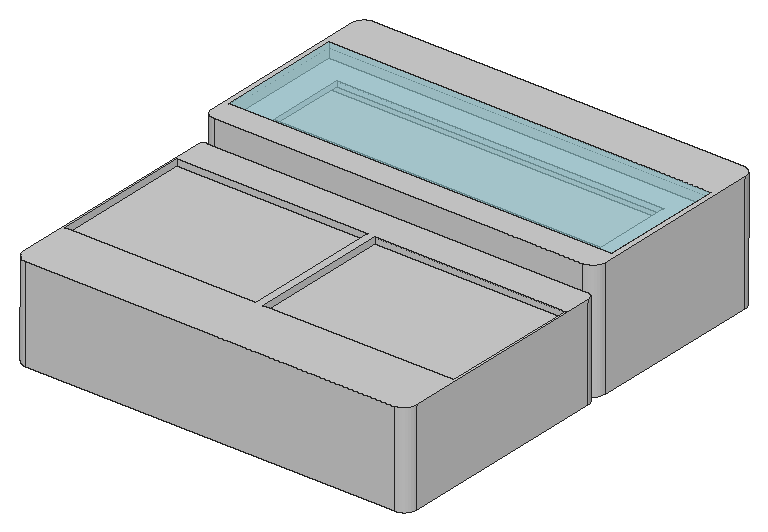
Revit family "Building-QuadriIEC309-GEWISS-68QDIN-QUADRI-PRESE-14MOD_2PRESE_IB_ORIZ", category Apparecchi elettrici, host Superficie, Revit 2019
Family settings
  Host = Superficie
  Mantenere orientamento annotazione = Sì
  Quota connettore circolare = Usa diametro
  Tipo di parte = Normale
  Taglio con vuoti quando caricato = No
  Condiviso = No
  Punto di calcolo locali = Sì
Parameters (values of type "GW68006N - Q-DIN 14M 2FLANGE PR.BL.OR.SBF IP65")
  visibilita posizionamento 2d [instance] = yes
  simbolo 2d [instance] = yes
  oggetto in pianta [instance] = not(visibilita posizionamento 2d)  # no
  distanza_simbolo [instance] = 0.1 mm
  bordo acceso [instance] = yes
  Visibilità sportello [instance] = yes
  Versione file RFA = "21.5"
  VETRO = Vetro
  URL = "https://www.gewiss.com/it/it"
  Tipologia di installazione = "Da parete"
  Tipo versione = "Vuoto"
  Termopressione con biglia = "70 °C"
  Temperatura di utilizzo = "-25 +40 °C"
  Temperatura di funzionamento = "-25 ÷ +40 °C"
  Spostamento_effettivo_S [instance] = 4000 mm - Spostamento_S  # 3000 mm
  Spostamento_S = 1000 mm
  Simbolo_quadro [instance] = not(simbolo 2d)  # no
  Scheda Tecnica = "https://www.gewiss.com/it/it/search?q=GW68006N"
  STRUTTURA ALTA = Poche
  STRUTTURA = RAL - 7035
  SEO = "Quadretto"
  Resistenza agli urti = "IK08"
  Default Elevation = 1219.2 mm
  Produttore = "GEWISS S.p.A."
  Potenza dissipabile B (W) = "64"
  Potenza dissipabile A (W) = "24"
  PRESA = rosso
  POMELLO = bianco
  N. prese alloggiabili = "2 IB Orizz. 16/32 A SBF IP44 affiancate"
  N. prese IB alloggiabili: = "2 IB Orizz. 16/32 A SBF IP44 affiancate"
  N. mod. EN 50022 = "14"
  N. flange in dotazione = "1 IB 16/32 A"
  N. coperchi ciechi in dotazione = "1 IB 16/32 A"
  N. IEC 309/IB alloggiabili = "2 IB Orizz. 16/32 A SBF IP44 affiancate"
  Modello = "GW68006N"
  Immagine tipo = GW68006N.jpg
  IDT = "025e6d85-348f-4064-8737-2dc7c756130e"
  IDF = "9171d5b0-c39f-4c93-a937-604f849fb133"
  Grado di protezione = "IP65"
  Glow Wire Test = "650°C"
  Descrizione = "Q-DIN 14M 2FLANGE PR.BL.OR.SBF IP65"
  Creato da GEWISS S.p.A. = ""
  ConformitÃ  normativa = "EN 60208 - EN 60670-1 - IEC 60670-24"
  Colore = "Grigio RAL 7035"
  Codice Electrocod = "2242"
  Codice EAN = "8011564744776"
  Classe isolamento = "II"
  Catalogo Serie = "68 QDIN"
  Catalogo = "BUILDING"
  COBie.Tagnumber = ""
  COBie.CreatedOn = ""
  COBie.CreatebBy = ""
  COBie.ComponentRegisterItemID = ""
  COBie.Component.TagNumber = ""
  COBie.Component.Space = ""
  COBie.Component.SerialNumber = ""
  COBie.Component.InstallationDate = ""
  COBie.Component.Description = ""
  COBie.Component.BarCode = ""
Reference planes
  plane 1 "Centro (Fronte/Retro)": y = 0
  plane 2: z = 0
  plane 3 "Centro (Sinistra/Destra)": x = 0
  plane 4: x = -3000
  plane 5: x = 0
Forms (mm)
  Extrusion 1, solid, material "RAL - 7035" <- "STRUTTURA", detail levels coarse
    sketch origin (0, 0, 0) x (0, 1, 0) y (0, 0, 1)
      loop
        line (0, 96) -> (0, 0) -> (354, 0) -> (354, 96) -> (0, 96)
    from -160 to 160
Lines and regions (mm)
  Masking region 1, visible <- "visibilita posizionamento 2d"
    outline origin (0, 0, 0) x (1, 0, 0) y (0, 0, 1)
      loop
        line (-160, 0) -> (160, 0) -> (160, 96) -> (-160, 96) -> (-160, 0)
Dimensions and locks
  plane 4 to plane 3 "Centro (Sinistra/Destra)" = 3000 mm
  "Spostamento_effettivo_S": plane 4 to plane 5
  aligned and locked: plane 2 to host face
  aligned and locked: level to host face
  aligned and locked: nested 1 to plane 5
  aligned and locked: nested 3 to plane 5
  aligned and locked: Extrusion 1 sketch curve to nested 2
  aligned and locked: nested 2 to plane 5
  aligned and locked: plane 1 "Centro (Fronte/Retro)" to nested 2
  aligned and locked: Extrusion 1 to nested 2  (x2)
  aligned and locked: nested 2 to Extrusion 1
  aligned and locked: Masking region 1 to Extrusion 1  (x2)
Automatic sketch dimensions
  host sketch curve to host sketch curve = 2438.4 mm  (x2)
  Extrusion 1 sketch curve to level = 0 mm
  Extrusion 1 sketch curve to plane 1 "Centro (Fronte/Retro)" = 0 mm
  Extrusion 1 sketch curve to plane 1 "Centro (Fronte/Retro)" = 354 mm
  Masking region 1 sketch curve to level = 0 mm
  Masking region 1 sketch curve to plane 3 "Centro (Sinistra/Destra)" = 160 mm
  plane 3 "Centro (Sinistra/Destra)" to Masking region 1 sketch curve = 160 mm
  Masking region 1 sketch curve to Masking region 1 sketch curve = 96 mm
Nested families
  nested 1: "CENTRALINO" at (0, 737.795, 0), BORDO ACCESO <- "bordo acceso", SIMBOLO ACCESO <- "simbolo 2d", Distanza dal muro <- "distanza_simbolo", visible <- "simbolo 2d", type "CENTRALINO"
    with SIMBOLO ACCESO yes, Distanza dal muro 0.1 mm, BORDO ACCESO yes
  nested 2: "baseee_68QDIN14 QUADRO DISTRIBUZ X 2 PRESE IND ORIZ" at (0, 192, 0), Visibilita sportello <- "Visibilità sportello", type "baseee_68QDIN14 QUADRO DISTRIBUZ X 2 PRESE IND ORIZ", detail levels medium+fine
  nested 3: "simb_CENTRALINO_BASE_cad pro" at (0, 737.795, 0), Distanza dal muro <- "distanza_simbolo", visible <- "Simbolo_quadro", SIMBOLO ACCESO <- "Simbolo_quadro", type "simb_CENTRALINO_BASE_cad pro"
    with SIMBOLO ACCESO no, Distanza dal muro 0.1 mm, BORDO ACCESO yes
Definition of nested family "baseee_68QDIN14 QUADRO DISTRIBUZ X 2 PRESE IND ORIZ"
  Parameters (values of type "baseee_68QDIN14 QUADRO DISTRIBUZ X 2 PRESE IND ORIZ")
    n_moduli = 105 mm
    h_moduli = 64 mm
    Visibilita sportello [instance] = yes
    Vetro = none
    Struttura = none
    Spessore = 96 mm
    Default Elevation = 14 mm
    Presa = none
    Larghezza = 320 mm
    IFC.TypeObject = ""
    IFC.ExportType = ""
    IFC.ExportAs = ""
    H_da terra = 589.057 mm
    COBie.CreatedOn = ""
    COBie.CreatebBy = ""
    COBie.ComponentRegisterItemID = ""
    COBie.Component.TagNumber = ""
    COBie.Component.Space = ""
    COBie.Component.SerialNumber = ""
    COBie.Component.InstallationDate = ""
    COBie.Component.Description = ""
    COBie.Component.BarCode = ""
    Altezza scatole = 350 mm
    Altezza quadro = 150 mm
    Altezza = 258 mm
  Reference planes
    plane 1 "Centro (Fronte/Retro)": y = 0
    plane 2: z = 0
    plane 3 "Centro (Sinistra/Destra)": x = 0
    plane 4: z = 62.089
    plane 5: z = 103.126
    plane 6: z = 76.196
    plane 7: x = -160
    plane 8: x = 160
    plane 9: x = -156
    plane 10: x = 156
    plane 11: y = 123.21
    plane 12: y = 21.246
    plane 13: y = 0
    plane 14: y = -242.621
    plane 15: y = -28
    plane 16: y = -192
    plane 17: y = 162
    plane 18: z = 71.196
    plane 19: y = 103
    plane 20: y = 39
    plane 21: x = -52.5
    plane 22: x = 52.5
    plane 23: z = 92.059
    plane 24: z = 96
    plane 25 "posizionamento moduli": z = 84.734
    plane 26: z = 80.558
    plane 27: y = 71
    plane 28: x = -158.2
    plane 29: x = 158.1
    plane 30: x = -3.2
    plane 31 "14": x = 3
    plane 32: y = -142
  Forms (mm)
    Extrusion 1, solid, material <- "Struttura"
      sketch origin (0, -857.311, 0) x (1, 0, 0) y (0, 1, 0)
        loop
          arc (-150, 1019.311) -> (-157.071, 1016.382) -> (-160, 1009.311) r 10
          line (-160, 1009.311) -> (-160, 867.311)
          arc (-160, 867.311) -> (-157.071, 860.24) -> (-150, 857.311) r 10
          line (-150, 857.311) -> (150, 857.311)
          arc (150, 857.311) -> (157.071, 860.24) -> (160, 867.311) r 10
          line (160, 867.311) -> (160, 1009.311)
          arc (160, 1009.311) -> (157.071, 1016.382) -> (150, 1019.311) r 10
          line (150, 1019.311) -> (-150, 1019.311)
      from 0 to 96
    Extrusion 2, solid, material <- "Struttura"
      sketch origin (0, -857.311, 0) x (1, 0, 0) y (0, 1, 0)
        loop
          line (152.45, 857.311) -> (-156.38, 857.311)
          arc (-156.38, 857.311) -> (-158.94, 856.251) -> (-160, 853.691) r 3.62
          line (-160, 853.691) -> (-160, 675.311)
          arc (-160, 675.311) -> (-157.071, 668.24) -> (-150, 665.311) r 10
          line (-150, 665.311) -> (150, 665.311)
          arc (150, 665.311) -> (157.071, 668.24) -> (160, 675.311) r 10
          line (160, 675.311) -> (160, 849.76)
          arc (160, 849.76) -> (157.789, 855.099) -> (152.45, 857.311) r 7.55
      from 0 to 76.196
    Extrusion 3, void
      sketch origin (0, -857.311, 0) x (1, 0, 0) y (0, 1, 0)
        loop
          line (-156, 980.52) -> (-156, 878.557) -> (156, 878.557) -> (156, 980.52) -> (-156, 980.52)
      from 62.089 to 96
    Extrusion 4, solid, material <- "Vetro", visible <- "Visibilita sportello", detail levels fine
      sketch origin (0, -857.311, 0) x (1, 0, 0) y (0, 1, 0)
        loop
          line (-156, 980.52) -> (-156, 878.557) -> (156, 878.557) -> (156, 980.52) -> (-156, 980.52)
      from 92.059 to 96
    Extrusion 5, void
      sketch origin (0, -857.311, 0) x (1, 0, 0) y (0, 1, 0)
        loop
          line (-158.2, 829.311) -> (-158.2, 715.311) -> (-3.2, 715.311) -> (-3.2, 829.311) -> (-158.2, 829.311)
      from 71.196 to 76.196
    Extrusion 6, void
      sketch origin (0, 0, 0) x (1, 0, 0) y (0, 1, 0)
        loop
          line (-52.5, 39) -> (52.5, 39) -> (52.5, 103) -> (-52.5, 103) -> (-52.5, 39)
      from 80.558 to 84.734
    Extrusion 7, solid
      sketch origin (0, 0, 0) x (1, 0, 0) y (0, 1, 0)
        loop
          line (-156, 123.21) -> (-156, 21.246) -> (156, 21.246) -> (156, 123.21) -> (-156, 123.21)
      from 80.558 to 84.734
    Extrusion 8, void
      sketch origin (0, -857.311, 0) x (-1, 0, 0) y (0, -1, 0)
        loop
          line (-158.1, -829.311) -> (-3, -829.311) -> (-3, -715.311) -> (-158.1, -715.311) -> (-158.1, -829.311)
      from 71.196 to 76.196
  Cuts and joins
    Extrusion 3 cuts Extrusion 1
    Extrusion 5, Extrusion 8 cuts Extrusion 2
    Extrusion 6 cuts Extrusion 7
    Extrusion 6 cuts Extrusion 4
  Lines and regions (mm)
    model lines
      curve 1: line (-52.5, 71, 84.734) -> (52.5, 71, 84.734)
  Dimensions and locks
    locked: plane 4 to plane 5 at 41.036
    locked: plane 7 to plane 9 at 4
    locked: plane 10 to plane 8 at 4
    equal spacing: plane 7, plane 3 "Centro (Sinistra/Destra)", plane 8
    "Larghezza": plane 7 to plane 8
    plane 13 to plane 15 = 28 mm
    plane 1 "Centro (Fronte/Retro)" to plane 17 = 162 mm
    plane 16 to plane 13 = 192 mm
    plane 12 to plane 1 "Centro (Fronte/Retro)" = 21.246 mm
    plane 11 to plane 17 = 38.79 mm
    locked: plane 6 to plane 18 at 5
    locked: plane 17 to plane 19 at 59
    "h_moduli": plane 19 to plane 20
    equal spacing: plane 21, plane 3 "Centro (Sinistra/Destra)", plane 22
    "n_moduli": plane 21 to plane 22
    locked: plane 24 to plane 23 at 3.941
    plane 6 to plane 2 = 76.196 mm
    locked: plane 23 to plane 25 "posizionamento moduli" at 7.325
    locked: plane 25 "posizionamento moduli" to plane 26 at 4.176
    equal spacing: plane 19, plane 27, plane 20
    plane 15 to plane 32 = 114 mm
    locked: plane 29 to plane 8 at 1.9
    locked: plane 30 to plane 3 "Centro (Sinistra/Destra)" at 3.2
    locked: plane 3 "Centro (Sinistra/Destra)" to plane 31 "14" at 3
    plane 28 to plane 30 = 155 mm
    locked: plane 7 to plane 28 at 1.8
    radius of Extrusion 2 sketch curve = 10 mm  (x2)
    radius of Extrusion 2 sketch curve = 3.62 mm
    radius of Extrusion 2 sketch curve = 7.55 mm
    radius of Extrusion 1 sketch curve = 10 mm  (x4)
    aligned and locked: level to plane 2
    aligned and locked: cut or joined group of Extrusion 1, Extrusion 3 to plane 4  (x2)
    aligned and locked: Extrusion 2 to plane 6
    aligned and locked: plane 7 to Extrusion 2 sketch curve
    aligned and locked: plane 8 to Extrusion 2 sketch curve
    aligned and locked: plane 8 to Extrusion 1 sketch curve
    aligned and locked: plane 7 to Extrusion 1 sketch curve
    aligned and locked: Extrusion 4 sketch curve to plane 9
    aligned and locked: Extrusion 4 sketch curve to plane 10
    aligned and locked: Extrusion 3 sketch curve to plane 9
    aligned and locked: Extrusion 3 sketch curve to plane 10
    aligned and locked: Extrusion 4 sketch curve to plane 11
    aligned and locked: Extrusion 4 sketch curve to plane 12
    aligned and locked: Extrusion 3 sketch curve to plane 11
    aligned and locked: Extrusion 3 sketch curve to plane 12
    aligned and locked: plane 13 to Extrusion 1 sketch curve
    aligned and locked: Extrusion 2 sketch curve to plane 13
    aligned and locked: plane 16 to Extrusion 2 sketch curve
    aligned and locked: plane 15 to Extrusion 5
    aligned and locked: plane 1 "Centro (Fronte/Retro)" to plane 13
    aligned and locked: plane 17 to Extrusion 1 sketch curve
    aligned and locked: Extrusion 5 to plane 18
    aligned and locked: Extrusion 5 to plane 6
    aligned and locked: Extrusion 6 sketch curve to plane 21
    aligned and locked: Extrusion 6 sketch curve to plane 19
    aligned and locked: Extrusion 6 sketch curve to plane 20
    aligned and locked: Extrusion 6 sketch curve to plane 22
    aligned and locked: plane 24 to cut or joined group of Extrusion 1, Extrusion 3
    aligned and locked: plane 25 "posizionamento moduli" to Extrusion 6
    aligned and locked: Extrusion 6 to plane 26
    aligned and locked: Extrusion 7 sketch curve to plane 11
    aligned and locked: Extrusion 7 sketch curve to plane 12
    aligned and locked: Extrusion 7 to plane 26
    aligned and locked: plane 25 "posizionamento moduli" to Extrusion 7
    aligned and locked: Extrusion 7 sketch curve to Extrusion 4  (x2)
    aligned and locked: plane 27 to curve 1
    aligned and locked: Extrusion 5 sketch curve to plane 28
    aligned and locked: Extrusion 5 sketch curve to plane 30
    aligned and locked: Extrusion 8 sketch curve to plane 29
    aligned and locked: Extrusion 8 sketch curve to plane 31 "14"
    aligned and locked: Extrusion 8 sketch curve to plane 15
    aligned and locked: plane 32 to Extrusion 8 sketch curve
    aligned and locked: Extrusion 5 sketch curve to plane 32
  Automatic sketch dimensions
    Extrusion 5 sketch curve to plane 15 = 0 mm
    curve 1 to plane 21 = 0 mm
    curve 1 to plane 22 = 0 mm
Definition of nested family "CENTRALINO"
  Parameters (values of type "CENTRALINO")
    SIMBOLO ACCESO [instance] = yes
    Distanza dal muro [instance] = 0 mm
    BORDO ACCESO [instance] = yes
  Reference planes
    plane 1: y = 0
    plane 2: x = 0
  Dimensions and locks
    "Distanza dal muro": plane 1 to nested 1
    aligned and locked: plane 2 to nested 1
  Nested families
    nested 1: "CENTRALINO_BASE" at (0, 0, 0), BORDO ACCESO <- "BORDO ACCESO", visible <- "SIMBOLO ACCESO", type "CENTRALINO"
      with BORDO ACCESO yes
  Definition of nested family "CENTRALINO_BASE"
    Parameters (values of type "CENTRALINO")
      Distanza dal muro = 0 mm
      BORDO ACCESO [instance] = yes
    Reference planes
      plane 1: y = 0
      plane 2: x = 0
    Lines and regions (mm)
      detail lines, visible <- "BORDO ACCESO", not visible
        curve 1: line (-2.443, 10.208, 0) -> (2.057, 10.208, 0)
        curve 2: line (2.057, 10.208, 0) -> (2.057, 4.208, 0)
        curve 3: line (2.057, 4.208, 0) -> (-2.443, 4.208, 0)
        curve 4: line (-2.443, 4.208, 0) -> (-2.443, 10.208, 0)
        curve 5: line (-2.043, 9.808, 0) -> (1.657, 9.808, 0)
        curve 6: line (1.657, 9.808, 0) -> (1.657, 4.608, 0)
        curve 7: line (1.657, 4.608, 0) -> (-2.043, 4.608, 0)
        curve 8: line (-2.043, 4.608, 0) -> (-2.043, 9.808, 0)
      detail lines
        curve 9: line (0, 0.671, 0) -> (0, 0, 0)
        curve 10: line (0.659, 0.671, 0) -> (0.659, 1.33, 0)
        curve 11: line (0.659, 1.33, 0) -> (-0.659, 1.33, 0)
        curve 12: line (-0.659, 1.33, 0) -> (-0.659, 0.671, 0)
        curve 13: line (-0.659, 0.671, 0) -> (0.659, 0.671, 0)
        curve 14: line (0.497, 1.33, 0) -> (0.497, 2, 0)
        curve 15: line (0.167, 1.33, 0) -> (0.167, 2, 0)
        curve 16: line (-0.162, 1.33, 0) -> (-0.162, 2, 0)
        curve 17: line (-0.491, 1.33, 0) -> (-0.491, 2, 0)
Definition of nested family "simb_CENTRALINO_BASE_cad pro"
  Parameters (values of type "simb_CENTRALINO_BASE_cad pro")
    SIMBOLO ACCESO [instance] = yes
    Distanza dal muro [instance] = 0 mm
    BORDO ACCESO [instance] = yes
  Reference planes
    plane 1: y = 0
    plane 2: x = 0
  Dimensions and locks
    "Distanza dal muro": plane 1 to nested 1
    aligned and locked: plane 2 to nested 1
  Nested families
    nested 1: "CENTRALINO_BASE_cad pro" at (0, 0, 0), type "CENTRALINO"
  Definition of nested family "CENTRALINO_BASE_cad pro"
    Parameters (values of type "CENTRALINO")
      Distanza dal muro = 0 mm
    Reference planes
      plane 1: y = 0
      plane 2: x = 0
    Lines and regions (mm)
      detail lines
        curve 1: line (1.33, 1.33, 0) -> (2.109, 1.33, 0)
        curve 2: line (2.109, 1.33, 0) -> (2.109, 0, 0)
        curve 3: line (2.109, 0, 0) -> (1.33, 0, 0)
        curve 4: line (1.33, 0, 0) -> (-1.33, 1.33, 0)
        curve 5: line (-1.33, 1.33, 0) -> (1.33, 1.33, 0)
        curve 6: line (1.33, 1.33, 0) -> (1.33, 0, 0)
        curve 7: line (1.33, 0, 0) -> (-1.33, 0, 0)
        curve 8: line (-1.33, 0, 0) -> (-1.33, 1.33, 0)
        curve 9: line (1.461, 0.665, 0) -> (1.977, 0.665, 0)
        curve 10: line (1.719, 0.665, 0) -> (1.719, 1.01, 0)
        curve 11: arc (1.977, 0.406, 0) -> (1.719, 0.665, 0) -> (1.461, 0.406, 0) r 0.258
